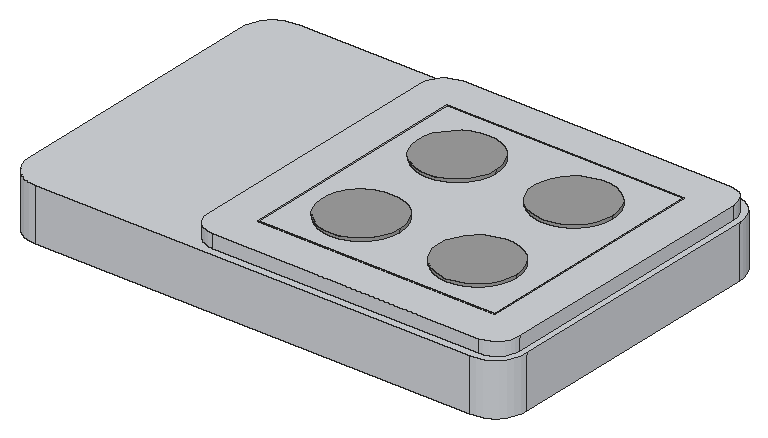
Revit family "Lighting-Industrial-GEWISS-SMART[4]HE_HIGHBAYS-LED_1M", category Apparecchi per illuminazione, Revit 2019
Family settings
  Quota connettore circolare = Usa diametro
  Tipo di parte = Normale
  Numero OmniClass = 23.80.00.00
  Titolo OmniClass = Electric Power and Lighting
  Basato su piano di lavoro = Sì
  Sempre verticale = No
  Taglio con vuoti quando caricato = No
  Sorgente d'illuminazione = No
  Condiviso = No
  Punto di calcolo locali = Sì
Parameters (values of type "GWS4122AQ857 - SMART4LB 1M C.PAS.ON/OFF ELL.57K")
  Wiring = "With GW connect watertight connector"
  Weight (kg): = "3,5"
  Warranty = "5 years"
  Voltaggio = 230 V
  Vetro acceso = Lampada accesa
  Version file RFA = "20.11"
  Unique digital code (Datamatrix) = "Datamatrix"
  Unified Glare Rating = "-"
  URL = "https://www.gewiss.com/ww/en"
  Type of light source = "LED - Not replaceable"
  Tilt- = "With bracket accessory"
  Technical sheet = "https://www.gewiss.com/ww/en/search?q=GWS4122AQ857"
  System power = "48W"
  Supply voltage = "220 - 240 V"
  Stocking temperature = "-40 +70 °C"
  Standards and approvals = "-"
  Standard- = "EN 60598-1 ; EN 60598-2-1 ; EN 60598-2-24"
  Standard Deviation Colour Matching = "SDCM = 3"
  Spostamento_Y_etichetta [instance] = 0 mm
  Spostamento_Y_effettivo_etichetta [instance] = 1500 mm - Spostamento_Y_etichetta  # 1500 mm
  Spostamento_X_etichetta [instance] = 0 mm
  Spostamento_X_effettivo_etichetta [instance] = 1500 mm - Spostamento_X_etichetta  # 1500 mm
  Shock resistance = "IK08"
  Shield type = "Tempered glass Thickness 4mm"
  SEO = "Low bay"
  Realized by GEWISS S.p.A. = ""
  Rated frequency (Hz) = "50/60 Hz"
  Produttore = "GEWISS S.p.A."
  Photobiological Risk Class = "RG0"
  Overvoltage protection = "DM 6kV / CM 6kV"
  Optic and illuminating features = "-"
  Optic Maintenance = "Non-replaceable"
  Optic : = "Metallic PC reflector and PMMA lenses"
  Optic = "Elliptical"
  Operating temperature : = "-30°C ÷ +50 °C"
  Offset etichetta W [instance] = 120 mm
  Mouting and installation = "Ceiling - Wallmounting - Suspension"
  Modello = "GWS4122AQ857"
  Maximum surface exposed to the wind : = "0,097 m²"
  Materials = "-"
  Luminaire = "LED Industrial Reflector "
  Lumen output (lm) = "6300"
  Locking Hook = "-"
  Lifetime = "L90B10 (Tq+25°C) = 70.000 h - L90B10 (Tq+50°C) = 35.000 h"
  Lampada = "LED"
  LED Maintenance = "Non-replaceable"
  Insulation class = "I"
  Installationa and maintenance = "-"
  Immagine tipo = GWL1071.jpg
  IPEA = "-"
  IP degree = "IP66"
  IFC.TypeObject = ""
  IFC.ExportType = ""
  IFC.ExportAs = ""
  IDT = "33be10311be341e0b261e3e80f29047b"
  IDF = "caca2710-84d7-41a6-9312-c1c8a4914de0"
  Glow Wire Test : = "850 °C"
  General information = "-"
  Gasket = "anti-aging silicone"
  Fixing = "-"
  External screw = "Stainless steel"
  Etichetta wattaggio [instance] = yes
  Default Elevation = 1219.2 mm
  Trasformatore = none
  Spessore plafoniera = 40 mm  # constant formula
  Proiettsmart [instance] = yes
  Raggio led = 30 mm  # constant formula
  Plafoniera = none
  Eletrical and lighting features = "-"
  Electrocod = "2444"
  Efficiency (lm/W) = "131"
  Driver Box = "Built-in"
  Driver = "Included"
  Device with reduced surface temperature = "Yes"
  Descrizione = "SMART[4]LB 1M C.PAS.ON/OFF ELL.57K"
  DIN 18032-3 certification = "With Bracket - Rope Kit + terminal&nbsp;(in approval)"
  Control System : = "ON / OFF"
  Control System = "ON / OFF"
  Context = "Logistics and industrial manufacturing lighting"
  Commenti sul wattaggio = "50W"
  Colour temperature = "5700K"
  Colour : = "Grey RAL 7035"
  Colour = "Grey RAL 7035"
  Color Rendering Index = "CRI-80"
  Classificazione = Lighting
  Classification: = "-"
  Catalogue = "LIGHTING"
  Carico apparente = 50 VA
  Motore = none
  Lunghezza = 383 mm  # constant formula
  Larghezza = 253 mm  # constant formula
  Distanza tot_plafoniera = 74 mm  # constant formula
  Dettaglio bidimensionale attivo [instance] = not(Proiettsmart)  # no
  COBie.Tagnumber = ""
  COBie.CreatedOn = ""
  COBie.CreatebBy = ""
  COBie.ComponentRegisterItemID = ""
  COBie.Component.TagNumber = ""
  COBie.Component.Space = ""
  COBie.Component.SerialNumber = ""
  COBie.Component.InstallationDate = ""
  COBie.Component.Description = ""
  COBie.Component.BarCode = ""
  Body = "PA6 \"Halogen Free\" loaded fibreglass"
  Application = "Internal"
Types (36, lengths in mm): name | Unified Glare Rating | Technical sheet | SEO | Optic : | Optic | Modello | Lumen output (lm) | IDT | Efficiency (lm/W) | Descrizione | Colour temperature
  GWS4120AA840 - SMART4LB 1M ST.AL.ON/OFF ARR.40K | "-" | "https://www.gewiss.com/ww/en/search?q=GWS4120AA840" | "" | "Metallized polycarbonate reflector" | "Array" | "GWS4120AA840" | "7100" | "f4382901f8424fbbbac38d49df0c161a" | "148" | "SMART[4]LB 1M ST.AL.ON/OFF ARR.40K" | "4000K"
  GWS4120AA857 - SMART4LB 1M ST.AL.ON/OFF ARR.57K | "-" | "https://www.gewiss.com/ww/en/search?q=GWS4120AA857" | "" | "Metallized polycarbonate reflector" | "Array" | "GWS4120AA857" | "7100" | "917cf8daf31e47babaa1d8ad2e5c4577" | "148" | "SMART[4]LB 1M ST.AL.ON/OFF ARR.57K" | "5700K"
  GWS4120AC840 - SMART4LB 1M ST.AL.ON/OFF ASI.40K | "-" | "https://www.gewiss.com/ww/en/search?q=GWS4120AC840" | "Low bay" | "Metallic PC reflector and PMMA lenses" | "Asymmetrical" | "GWS4120AC840" | "6300" | "cfe0a6cbb8754d1ba19a8b42c7e049e7" | "131" | "SMART[4]LB 1M ST.AL.ON/OFF ASI.40K" | "4000K"
  GWS4120AC857 - SMART4LB 1M ST.AL.ON/OFF ASI.57K | "-" | "https://www.gewiss.com/ww/en/search?q=GWS4120AC857" | "Low bay" | "Metallic PC reflector and PMMA lenses" | "Asymmetrical" | "GWS4120AC857" | "6300" | "0cee000b38d24c79a752d9e173a8e8a4" | "131" | "SMART[4]LB 1M ST.AL.ON/OFF ASI.57K" | "5700K"
  GWS4120AA830 - SMART4LB 1M ST.AL.ON/OFF ARR.30K | "-" | "https://www.gewiss.com/ww/en/search?q=GWS4120AA830" | "" | "Metallized polycarbonate reflector" | "Array" | "GWS4120AA830" | "6700" | "0900a4c2dbf244ec9064f84279651cee" | "140" | "SMART[4]LB 1M ST.AL.ON/OFF ARR.30K" | "3000K"
  GWS4120AC830 - SMART4LB 1M ST.AL.ON/OFF ASI.30K | "-" | "https://www.gewiss.com/ww/en/search?q=GWS4120AC830" | "Low bay" | "Metallic PC reflector and PMMA lenses" | "Asymmetrical" | "GWS4120AC830" | "6000" | "3c35a3669bea4e4e920841ebc7eee372" | "125" | "SMART[4]LB 1M ST.AL.ON/OFF ASI.30K" | "3000K"
  GWS4120AF830 - SMART4LB 1M ST.AL.ON/OFF 30° 30K | "UGR - 22" | "https://www.gewiss.com/ww/en/search?q=GWS4120AF830" | "" | "Metallic PC reflector and PMMA lenses" | "30°" | "GWS4120AF830" | "6600" | "41514ad0c5644d9a836d9b92989e7934" | "138" | "SMART[4]LB 1M ST.AL.ON/OFF 30° 30K" | "3000K"
  GWS4120AF840 - SMART4LB 1M ST.AL.ON/OFF 30° 40K | "UGR - 22" | "https://www.gewiss.com/ww/en/search?q=GWS4120AF840" | "" | "Metallic PC reflector and PMMA lenses" | "30°" | "GWS4120AF840" | "7000" | "190b0556e16b43aeb0cdb045f2df5ea0" | "146" | "SMART[4]LB 1M ST.AL.ON/OFF 30° 40K" | "4000K"
  GWS4120AF857 - SMART4LB 1M ST.AL.ON/OFF 30° 57K | "UGR - 22" | "https://www.gewiss.com/ww/en/search?q=GWS4120AF857" | "" | "Metallic PC reflector and PMMA lenses" | "30°" | "GWS4120AF857" | "7000" | "60e2c1efdd7c4bb489ee4e99856a79e1" | "146" | "SMART[4]LB 1M ST.AL.ON/OFF 30° 57K" | "5700K"
  GWS4120AH830 - SMART4LB 1M ST.AL.ON/OFF 60° 30K | "UGR - 22" | "https://www.gewiss.com/ww/en/search?q=GWS4120AH830" | "" | "Metallic PC reflector and PMMA lenses" | "60°" | "GWS4120AH830" | "6700" | "29ccc0823ecf43e492c591b95f9ba69b" | "140" | "SMART[4]LB 1M ST.AL.ON/OFF 60° 30K" | "3000K"
  GWS4120AH840 - SMART4LB 1M ST.AL.ON/OFF 60° 40K | "UGR - 22" | "https://www.gewiss.com/ww/en/search?q=GWS4120AH840" | "" | "Metallic PC reflector and PMMA lenses" | "60°" | "GWS4120AH840" | "7000" | "c7b70e766e7241369a8fdb9ff1ae4ba1" | "146" | "SMART[4]LB 1M ST.AL.ON/OFF 60° 40K" | "4000K"
  GWS4120AH857 - SMART4LB 1M ST.AL.ON/OFF 60° 57K | "UGR - 22" | "https://www.gewiss.com/ww/en/search?q=GWS4120AH857" | "" | "Metallic PC reflector and PMMA lenses" | "60°" | "GWS4120AH857" | "7000" | "02c808d90e7849e1a8a95633b2f57572" | "146" | "SMART[4]LB 1M ST.AL.ON/OFF 60° 57K" | "5700K"
  GWS4120AP830 - SMART4LB 1M ST.AL.ON/OFF 90° 30K | "UGR - 25" | "https://www.gewiss.com/ww/en/search?q=GWS4120AP830" | "" | "Metallic PC reflector and PMMA lenses" | "90°" | "GWS4120AP830" | "6800" | "aedb1b32006843dbb99d6f24d8b22d4c" | "142" | "SMART[4]LB 1M ST.AL.ON/OFF 90° 30K" | "3000K"
  GWS4120AP840 - SMART4LB 1M ST.AL.ON/OFF 90° 40K | "UGR - 25" | "https://www.gewiss.com/ww/en/search?q=GWS4120AP840" | "" | "Metallic PC reflector and PMMA lenses" | "90°" | "GWS4120AP840" | "7200" | "a4061870e39741bd95ec27f9fe2bbb80" | "150" | "SMART[4]LB 1M ST.AL.ON/OFF 90° 40K" | "4000K"
  GWS4120AP857 - SMART4LB 1M ST.AL.ON/OFF 90° 57K | "UGR - 25" | "https://www.gewiss.com/ww/en/search?q=GWS4120AP857" | "" | "Metallic PC reflector and PMMA lenses" | "90°" | "GWS4120AP857" | "7200" | "2876da5b102a4f20bb4c881609f22a28" | "150" | "SMART[4]LB 1M ST.AL.ON/OFF 90° 57K" | "5700K"
  GWS4120AQ830 - SMART4LB 1M ST.AL.ON/OFF ELL.30K | "-" | "https://www.gewiss.com/ww/en/search?q=GWS4120AQ830" | "Low bay" | "Metallic PC reflector and PMMA lenses" | "Elliptical" | "GWS4120AQ830" | "6000" | "5a7fda3a2a644d6089aa3629742bbc59" | "125" | "SMART[4]LB 1M ST.AL.ON/OFF ELL.30K" | "3000K"
  GWS4120AQ840 - SMART4LB 1M ST.AL.ON/OFF ELL.40K | "-" | "https://www.gewiss.com/ww/en/search?q=GWS4120AQ840" | "Low bay" | "Metallic PC reflector and PMMA lenses" | "Elliptical" | "GWS4120AQ840" | "6300" | "b8e5d04ad7324632af67847644f9c8f6" | "131" | "SMART[4]LB 1M ST.AL.ON/OFF ELL.40K" | "4000K"
  GWS4120AQ857 - SMART4LB 1M ST.AL.ON/OFF ELL.57K | "-" | "https://www.gewiss.com/ww/en/search?q=GWS4120AQ857" | "Low bay" | "Metallic PC reflector and PMMA lenses" | "Elliptical" | "GWS4120AQ857" | "6300" | "b24db9ef53b5451cb1bb3207fb4a4e4c" | "131" | "SMART[4]LB 1M ST.AL.ON/OFF ELL.57K" | "5700K"
  GWS4122AA830 - SMART4LB 1M C.PAS.ON/OFF ARR.30K | "-" | "https://www.gewiss.com/ww/en/search?q=GWS4122AA830" | "" | "Metallized polycarbonate reflector" | "Array" | "GWS4122AA830" | "6700" | "eb177aab06e742e3b3b2cbe86593fec2" | "140" | "SMART[4]LB 1M C.PAS.ON/OFF ARR.30K" | "3000K"
  GWS4122AA840 - SMART4LB 1M C.PAS.ON/OFF ARR.40K | "-" | "https://www.gewiss.com/ww/en/search?q=GWS4122AA840" | "" | "Metallized polycarbonate reflector" | "Array" | "GWS4122AA840" | "7100" | "578bd9e5039c409382598015cc2e3cb7" | "148" | "SMART[4]LB 1M C.PAS.ON/OFF ARR.40K" | "4000K"
  GWS4122AA857 - SMART4LB 1M C.PAS.ON/OFF ARR.57K | "-" | "https://www.gewiss.com/ww/en/search?q=GWS4122AA857" | "" | "Metallized polycarbonate reflector" | "Array" | "GWS4122AA857" | "7100" | "854348c82adc4ec9b0c0a708a3682d15" | "148" | "SMART[4]LB 1M C.PAS.ON/OFF ARR.57K" | "5700K"
  GWS4122AC830 - SMART4LB 1M C.PAS.ON/OFF ASI.30K | "-" | "https://www.gewiss.com/ww/en/search?q=GWS4122AC830" | "Low bay" | "Metallic PC reflector and PMMA lenses" | "Asymmetrical" | "GWS4122AC830" | "6000" | "c7a5391010f347c98405f283fd45b83f" | "125" | "SMART[4]LB 1M C.PAS.ON/OFF ASI.30K" | "3000K"
  GWS4122AC840 - SMART4LB 1M C.PAS.ON/OFF ASI.40K | "-" | "https://www.gewiss.com/ww/en/search?q=GWS4122AC840" | "Low bay" | "Metallic PC reflector and PMMA lenses" | "Asymmetrical" | "GWS4122AC840" | "6300" | "2073efe048fa4ac180f79191df90003c" | "131" | "SMART[4]LB 1M C.PAS.ON/OFF ASI.40K" | "4000K"
  GWS4122AC857 - SMART4LB 1M C.PAS.ON/OFF ASI.57K | "-" | "https://www.gewiss.com/ww/en/search?q=GWS4122AC857" | "Low bay" | "Metallic PC reflector and PMMA lenses" | "Asymmetrical" | "GWS4122AC857" | "6300" | "62f1a6f3a77b4e9fac1ef768dd21c622" | "131" | "SMART[4]LB 1M C.PAS.ON/OFF ASI.57K" | "5700K"
  GWS4122AF830 - SMART4LB 1M C.PAS.ON/OFF 30° 30K | "UGR - 22" | "https://www.gewiss.com/ww/en/search?q=GWS4122AF830" | "" | "Metallic PC reflector and PMMA lenses" | "30°" | "GWS4122AF830" | "6600" | "0f02be5fd2ff47478f69fbf9e8507c8d" | "138" | "SMART[4]LB 1M C.PAS.ON/OFF 30° 30K" | "3000K"
  GWS4122AF840 - SMART4LB 1M C.PAS.ON/OFF 30° 40K | "UGR - 22" | "https://www.gewiss.com/ww/en/search?q=GWS4122AF840" | "" | "Metallic PC reflector and PMMA lenses" | "30°" | "GWS4122AF840" | "7000" | "5a12f1645e4a4495a7228c5699ae6f70" | "146" | "SMART[4]LB 1M C.PAS.ON/OFF 30° 40K" | "4000K"
  GWS4122AF857 - SMART4LB 1M C.PAS.ON/OFF 30° 57K | "UGR - 22" | "https://www.gewiss.com/ww/en/search?q=GWS4122AF857" | "" | "Metallic PC reflector and PMMA lenses" | "30°" | "GWS4122AF857" | "7000" | "4f2a85a9916243ef90e4df300711cc9f" | "146" | "SMART[4]LB 1M C.PAS.ON/OFF 30° 57K" | "5700K"
  GWS4122AH830 - SMART4LB 1M C.PAS.ON/OFF 60° 30K | "UGR - 22" | "https://www.gewiss.com/ww/en/search?q=GWS4122AH830" | "" | "Metallic PC reflector and PMMA lenses" | "60°" | "GWS4122AH830" | "6700" | "4fb6251530e94755964a5951b396a1e6" | "140" | "SMART[4]LB 1M C.PAS.ON/OFF 60° 30K" | "3000K"
  GWS4122AH840 - SMART4LB 1M C.PAS.ON/OFF 60° 40K | "UGR - 22" | "https://www.gewiss.com/ww/en/search?q=GWS4122AH840" | "" | "Metallic PC reflector and PMMA lenses" | "60°" | "GWS4122AH840" | "7000" | "1f9c7aa2271d4b90bdffca9c9c9798d0" | "146" | "SMART[4]LB 1M C.PAS.ON/OFF 60° 40K" | "4000K"
  GWS4122AH857 - SMART4LB 1M C.PAS.ON/OFF 60° 57K | "UGR - 22" | "https://www.gewiss.com/ww/en/search?q=GWS4122AH857" | "" | "Metallic PC reflector and PMMA lenses" | "60°" | "GWS4122AH857" | "7000" | "f64890ba476a43c88607518148c11520" | "146" | "SMART[4]LB 1M C.PAS.ON/OFF 60° 57K" | "5700K"
  GWS4122AP830 - SMART4LB 1M C.PAS.ON/OFF 90° 30K | "UGR - 25" | "https://www.gewiss.com/ww/en/search?q=GWS4122AP830" | "" | "Metallic PC reflector and PMMA lenses" | "90°" | "GWS4122AP830" | "6800" | "4c6e023df58d42aaa830a944ddf0b379" | "142" | "SMART[4]LB 1M C.PAS.ON/OFF 90° 30K" | "3000K"
  GWS4122AP840 - SMART4LB 1M C.PAS.ON/OFF 90° 40K | "UGR - 25" | "https://www.gewiss.com/ww/en/search?q=GWS4122AP840" | "" | "Metallic PC reflector and PMMA lenses" | "90°" | "GWS4122AP840" | "7200" | "fd64719c42574fdc993a6698fccc5fb8" | "150" | "SMART[4]LB 1M C.PAS.ON/OFF 90° 40K" | "4000K"
  GWS4122AP857 - SMART4LB 1M C.PAS.ON/OFF 90° 57K | "UGR - 25" | "https://www.gewiss.com/ww/en/search?q=GWS4122AP857" | "" | "Metallic PC reflector and PMMA lenses" | "90°" | "GWS4122AP857" | "7200" | "89fd8a096f0e45aca0f1865f82215dba" | "150" | "SMART[4]LB 1M C.PAS.ON/OFF 90° 57K" | "5700K"
  GWS4122AQ830 - SMART4LB 1M C.PAS.ON/OFF ELL.30K | "-" | "https://www.gewiss.com/ww/en/search?q=GWS4122AQ830" | "Low bay" | "Metallic PC reflector and PMMA lenses" | "Elliptical" | "GWS4122AQ830" | "6000" | "0cf880981e584a3c93b72c7f0703cf56" | "125" | "SMART[4]LB 1M C.PAS.ON/OFF ELL.30K" | "3000K"
  GWS4122AQ840 - SMART4LB 1M C.PAS.ON/OFF ELL.40K | "-" | "https://www.gewiss.com/ww/en/search?q=GWS4122AQ840" | "Low bay" | "Metallic PC reflector and PMMA lenses" | "Elliptical" | "GWS4122AQ840" | "6300" | "748383b727ad4d62b12320053c7280f8" | "131" | "SMART[4]LB 1M C.PAS.ON/OFF ELL.40K" | "4000K"
  GWS4122AQ857 - SMART4LB 1M C.PAS.ON/OFF ELL.57K | "-" | "https://www.gewiss.com/ww/en/search?q=GWS4122AQ857" | "Low bay" | "Metallic PC reflector and PMMA lenses" | "Elliptical" | "GWS4122AQ857" | "6300" | "33be10311be341e0b261e3e80f29047b" | "131" | "SMART[4]LB 1M C.PAS.ON/OFF ELL.57K" | "5700K"
Reference planes
  plane 1 "Centro (Fronte/Retro)": y = 0
  plane 2: z = 0
  plane 3 "Centro (Sinistra/Destra)": x = 0
  plane 4: x = -191.5
  plane 5: y = 126.5
  plane 6: x = 191.5
  plane 7: y = -126.5
  plane 8: z = -74
  plane 9: x = -175.5
  plane 10: y = -110.5
  plane 11: y = 110.5
  plane 12: x = -60.5
  plane 13: y = 121.5
  plane 14: x = 186.5
  plane 15: y = -120
  plane 16: z = 74
  plane 17: z = 84
  plane 18: z = 86
  plane 19: x = -1500
  plane 20: y = -1500
  plane 21: x = 0
  plane 22: y = 0
Dimensions and locks
  equal spacing: plane 5, plane 1 "Centro (Fronte/Retro)", plane 7
  equal spacing: plane 4, plane 3 "Centro (Sinistra/Destra)", plane 6
  "Lunghezza": plane 4 to plane 6
  "Larghezza": plane 5 to plane 7
  locked: plane 14 to plane 6 at 5
  locked: plane 5 to plane 13 at 5
  nested 3 to plane 8 = 133.058 mm
  locked: plane 4 to plane 9 at 16
  "Offset etichetta W": plane 1 "Centro (Fronte/Retro)" to plane 15
  "Distanza tot_plafoniera": plane 16 to level
  locked: plane 18 to plane 17 at 2
  plane 19 to plane 3 "Centro (Sinistra/Destra)" = 1500 mm
  plane 1 "Centro (Fronte/Retro)" to plane 20 = 1500 mm
  "Spostamento_Y_effettivo_etichetta": plane 22 to plane 20
  "Spostamento_X_effettivo_etichetta": plane 19 to plane 21
  aligned and locked: level to plane 2
  aligned and locked: plane 4 to nested 1
  aligned and locked: plane 6 to nested 1
  aligned and locked: plane 5 to nested 1
  aligned and locked: plane 7 to nested 1
  aligned and locked: plane 14 to nested 2
  aligned and locked: plane 1 "Centro (Fronte/Retro)" to nested 10
  aligned and locked: nested 3 to plane 2
  aligned and locked: plane 16 to nested 1
  aligned and locked: plane 1 "Centro (Fronte/Retro)" to nested 8
  aligned and locked: plane 1 "Centro (Fronte/Retro)" to nested 1
  aligned and locked: plane 1 "Centro (Fronte/Retro)" to nested 2
  aligned and locked: nested 2 to plane 16
  aligned and locked: nested 4 to plane 18
  aligned and locked: plane 18 to nested 6
  aligned and locked: nested 7 to plane 18
  aligned and locked: plane 18 to nested 5
  aligned and locked: nested 9 to plane 22
  aligned and locked: plane 21 to nested 9
Nested families
  nested 1: "Struttura_SMART[4] LB - 2+2 L" at (0, 0, 74), type "SMART Lab (4) 4L"
  nested 2: "mascherina_SMART (4)" at (66.5, 0, 84), type "Maschera_smart (4) 4L", detail levels medium+fine
  nested 3: "Staffa SMART LAB 4" at (65, -20, 59.058) x (0, 1, 0) z (0, 0, -1), type "Staffa SMART LAB 4", detail levels medium+fine
  nested 4: "Gewis - Led" at (20.25, 44.75, 86), type "Gewis - Led", detail levels fine
  nested 5: "Gewis - Led" at (109.75, 44.75, 86) x (-1, 0, 0) z (0, 0, 1), type "Gewis - Led", detail levels fine
  nested 6: "Gewis - Led" at (20.25, -47.75, 86), type "Gewis - Led", detail levels fine
  nested 7: "Gewis - Led" at (109.75, -47.75, 86) x (-1, 0, 0) z (0, 0, 1), type "Gewis - Led", detail levels fine
  nested 8: "Rappr_bidimensionale_SMART[4] LB 4L" at (40, 0, 0), visible <- "Dettaglio bidimensionale attivo", type "SMART[4] LB 4L_bidimensionalerfa"
  nested 9: "ETICHETTA LIGHT" at (0, 0, 0), visible <- "Etichetta wattaggio", type "ETICHETTA LIGHT"
  nested 10: "PROIETTSMART " at (-32.162, 0, 0), visible <- "Proiettsmart", type "PROIETTSMART "
Connectors
  electrical at (0.009, -0.098, 34), driven by "Classificazione", driven by "Carico apparente"
    settings: on nested 1, index 1, voltage 230 V, apparent load 0 VA, apparent load phase1 50 VA, apparent load phase2 0 VA, apparent load phase3 0 VA, power factor 1, load classification "Lighting", number of poles 2, system type 31, power factor state 1, is connector primary yes, connector utility no, sub classification motor no, connector description ""
Definition of nested family "Struttura_SMART[4] LB - 2+2 L"
  Parameters (values of type "SMART Lab (4) 4L")
    Struttura plafoniera = none
    Spessore_plafoniera = 40 mm
    Lunghezza = 383 mm
    Larghezza = 253 mm
  Reference planes
    plane 1 "Asse sorgente illuminazione (F/B)": y = 0
    plane 2: z = 0
    plane 3 "Asse sorgente illuminazione (L/R)": x = 0
    plane 4 "Prospetto sorgente di illuminazione": z = -40
    plane 5 "SX": x = -191.5
    plane 6 "DX": x = 191.5
    plane 7 "DIETRO": y = 126.5
    plane 8 "AVANTI": y = -126.5
    plane 9: x = -51.5
    plane 10: x = 180.5
    plane 11: y = -115.5
    plane 12: y = 115.5
    plane 13: x = -180.5
    plane 14: x = 51.5
  Forms (mm)
    Extrusion 1, solid, material <- "Struttura plafoniera"
      sketch origin (0, 0, 0) x (1, 0, 0) y (0, 1, 0)
        loop
          line (191.5, -102.095) -> (191.5, 102.09)
          arc (191.5, 102.09) -> (184.35, 119.35) -> (167.09, 126.5) r 24.41
          line (167.09, 126.5) -> (-167.009, 126.5)
          arc (-167.009, 126.5) -> (-184.554, 119.1) -> (-191.5, 101.371) r 24.499
          line (-191.5, 101.371) -> (-191.5, -102.092)
          arc (-191.5, -102.092) -> (-184.351, -119.351) -> (-167.092, -126.5) r 24.408
          line (-167.092, -126.5) -> (167.117, -126.5)
          arc (167.117, -126.5) -> (184.334, -119.368) -> (191.465, -102.152) r 24.348
      from -40 to 0
  Dimensions and locks
    equal spacing: plane 5 "SX", plane 3 "Asse sorgente illuminazione (L/R)", plane 6 "DX"
    equal spacing: plane 7 "DIETRO", plane 1 "Asse sorgente illuminazione (F/B)", plane 8 "AVANTI"
    "Lunghezza": plane 5 "SX" to plane 6 "DX"
    "Larghezza": plane 7 "DIETRO" to plane 8 "AVANTI"
    locked: plane 7 "DIETRO" to plane 12 at 11
    locked: plane 11 to plane 8 "AVANTI" at 11
    locked: plane 10 to plane 6 "DX" at 11
    locked: plane 9 to plane 10 at 232
    plane 13 to plane 14 = 232 mm
    locked: plane 5 "SX" to plane 13 at 11
    "Spessore_plafoniera": plane 2 to plane 4 "Prospetto sorgente di illuminazione"
    aligned and locked: level to plane 2
    aligned and locked: Extrusion 1 to plane 5 "SX"
    aligned and locked: Extrusion 1 to plane 8 "AVANTI"  (x2)
    aligned and locked: plane 7 "DIETRO" to Extrusion 1
    aligned and locked: plane 6 "DX" to Extrusion 1
    aligned and locked: plane 4 "Prospetto sorgente di illuminazione" to Extrusion 1
    aligned and locked: plane 2 to Extrusion 1
  Automatic sketch dimensions
    Extrusion 1 sketch curve to plane 5 "SX" = 0 mm
    Extrusion 1 sketch curve to plane 8 "AVANTI" = 0 mm
    Extrusion 1 sketch curve to plane 7 "DIETRO" = 0 mm
    Extrusion 1 sketch curve to plane 6 "DX" = 0 mm
    plane 13 to Extrusion 1 sketch curve = 13.408 mm
    plane 13 to Extrusion 1 sketch curve = 13.491 mm
    Extrusion 1 sketch curve to plane 10 = 13.41 mm
    Extrusion 1 sketch curve to plane 10 = 13.383 mm
    plane 11 to Extrusion 1 sketch curve = 13.348 mm
    Extrusion 1 sketch curve to plane 12 = 14.129 mm
    Extrusion 1 sketch curve to Extrusion 1 sketch curve = 0.056 mm
Definition of nested family "mascherina_SMART (4)"
  Parameters (values of type "Maschera_smart (4) 4L")
    Spessore_mascherina = 10 mm
    Default Elevation = 1219.2 mm
    N.intarsi = (Lunghezza_mascherina - (Bordo * 2)) / 15 mm  # 12
    N._intarsi verticale = (Larghezza_mascherina - (Bordo * 2)) / 17 mm  # 11
    Mascherina = none
    Lunghezza_mascherina = 240 mm
    Larghezza_mascherina = 240 mm
    Distanza_intarsi v. = 41 mm  # constant formula
    Distanza_intarsi = 37 mm  # constant formula
    Bordo = 29 mm
  Reference planes
    plane 1 "Centro (Fronte/Retro)": y = 0
    plane 2: z = 0
    plane 3 "Centro (Sinistra/Destra)": x = 0
    plane 4: x = -120
    plane 5 "Dietro": y = 120
    plane 6: x = 120
    plane 7: y = -120
    plane 8: x = -91
    plane 9: y = -91
    plane 10: x = 91
    plane 11: y = 91
    plane 12: x = -83
    plane 13: y = 94.742
    plane 14: y = -95
    plane 15: z = -10
    plane 16: x = -95
    plane 17: y = 79
    plane 18: y = -79
    plane 19: x = 95
    plane 20: z = -4.799
  Forms (mm)
    Extrusion 1, solid, material <- "Mascherina"
      sketch origin (0, 0, 0) x (1, 0, 0) y (0, 1, 0)
        loop
          arc (-102.5, 120) -> (-114.874, 114.874) -> (-120, 102.5) r 17.5
          line (-120, 102.5) -> (-120, -102.5)
          arc (-120, -102.5) -> (-114.874, -114.874) -> (-102.5, -120) r 17.5
          line (-102.5, -120) -> (102.5, -120)
          arc (102.5, -120) -> (114.874, -114.874) -> (120, -102.5) r 17.5
          line (120, -102.5) -> (120, 102.5)
          arc (120, 102.5) -> (114.874, 114.874) -> (102.5, 120) r 17.5
          line (102.5, 120) -> (-102.5, 120)
        loop
          line (-91, 91) -> (-91, -91) -> (91, -91) -> (91, 91) -> (-91, 91)
      from -10 to 0
    Extrusion 2, solid, material <- "Mascherina"
      sketch origin (0, 0, 0) x (1, 0, 0) y (0, 1, 0)
        loop
          line (-91, 91) -> (-91, -91) -> (91, -91) -> (91, 91) -> (-91, 91)
      from -4.799 to 0
  Dimensions and locks
    equal spacing: plane 4, plane 3 "Centro (Sinistra/Destra)", plane 6
    "Lunghezza_mascherina": plane 4 to plane 6
    equal spacing: plane 5 "Dietro", plane 1 "Centro (Fronte/Retro)", plane 7
    "Larghezza_mascherina": plane 5 "Dietro" to plane 7
    "Bordo": plane 4 to plane 8
    "Bordo": plane 9 to plane 7
    "Bordo": plane 5 "Dietro" to plane 11
    "Bordo": plane 10 to plane 6
    "Distanza_intarsi": plane 4 to plane 12
    locked: plane 13 to plane 11 at 3.742
    "Spessore_mascherina": plane 2 to plane 15
    "Distanza_intarsi v.": plane 5 "Dietro" to plane 17
    "Distanza_intarsi v.": plane 18 to plane 7
    locked: plane 9 to plane 14 at 4
    locked: plane 16 to plane 8 at 4
    locked: plane 10 to plane 19 at 4
    locked: plane 2 to plane 20 at 4.799
    radius of Extrusion 1 sketch curve = 17.5 mm  (x4)
    aligned and locked: level to plane 2
    aligned and locked: plane 4 to Extrusion 1 sketch curve
    aligned and locked: plane 6 to Extrusion 1 sketch curve
    aligned and locked: Extrusion 1 sketch curve to plane 5 "Dietro"
    aligned and locked: Extrusion 1 sketch curve to plane 7
    aligned and locked: Extrusion 1 sketch curve to plane 11
    aligned and locked: plane 8 to Extrusion 1 sketch curve
    aligned and locked: plane 9 to Extrusion 1 sketch curve
    aligned and locked: Extrusion 1 sketch curve to plane 10
    aligned and locked: plane 2 to Extrusion 1
    aligned and locked: Extrusion 1 to plane 15
    aligned and locked: Extrusion 2 sketch curve to plane 10
    aligned and locked: plane 9 to Extrusion 2 sketch curve
    aligned and locked: plane 8 to Extrusion 2 sketch curve
    aligned and locked: Extrusion 2 sketch curve to plane 11
    aligned and locked: plane 2 to Extrusion 2
    aligned and locked: Extrusion 2 to plane 20
Definition of nested family "Staffa SMART LAB 4"
  Parameters (values of type "Staffa SMART LAB 4")
    Staffa = none
    Default Elevation = 1219.2 mm
  Reference planes
    plane 1 "Centro (Fronte/Retro)": y = 0
    plane 2: z = 0
    plane 3 "Centro (Sinistra/Destra)": x = 0
    plane 4: y = 25
    plane 5: y = -25
    plane 6: x = -480
    plane 7: x = 480
    plane 8: z = 340
  Forms (mm)
    Extrusion 1, solid, material <- "Staffa"
      sketch origin (-19.427, 0, 0) x (1, 0, 0) y (0, 0, 1)
        loop
          line (-52.112, 0) -> (-51.312, 0) -> (-51.312, 5.038) -> (-51.312, 7.679) -> (-48.064, 11.553) -> (-48.309, 20.832)
          arc (-48.309, 20.832) -> (-48.108, 21.384) -> (-47.585, 21.651) r 0.801
          line (-47.585, 21.651) -> (-46.541, 21.744)
          arc (-46.541, 21.744) -> (-45.388, 22.346) -> (-44.998, 23.587) r 1.701
          line (-44.998, 23.587) -> (-45.225, 26.168) -> (-47.881, 28.39) -> (-47.881, 32.971) -> (-23.475, 58.058) -> (62.329, 58.058) -> (86.735, 32.971) -> (86.735, 28.39) -> (84.08, 26.168) -> (83.852, 23.587)
          arc (83.852, 23.587) -> (84.243, 22.346) -> (85.396, 21.744) r 1.701
          line (85.396, 21.744) -> (86.439, 21.651)
          arc (86.439, 21.651) -> (86.963, 21.384) -> (87.163, 20.832) r 0.801
          line (87.163, 20.832) -> (86.919, 11.553) -> (90.167, 7.679) -> (90.167, 5.038) -> (90.167, 0) -> (90.967, 0) -> (90.967, 5.038) -> (90.967, 7.979) -> (87.921, 11.618) -> (88.163, 20.806)
          arc (88.163, 20.806) -> (87.71, 22.048) -> (86.531, 22.647) r 1.801
          line (86.531, 22.647) -> (85.484, 22.74)
          arc (85.484, 22.74) -> (85.009, 22.988) -> (84.849, 23.499) r 0.701
          line (84.849, 23.499) -> (85.039, 25.667) -> (87.735, 27.923) -> (87.735, 32.876) -> (86.947, 34.187) -> (62.751, 59.058) -> (-23.897, 59.058) -> (-48.093, 34.187) -> (-48.881, 32.876) -> (-48.881, 27.923) -> (-46.185, 25.667) -> (-45.994, 23.499)
          arc (-45.994, 23.499) -> (-46.155, 22.988) -> (-46.63, 22.74) r 0.701
          line (-46.63, 22.74) -> (-47.676, 22.647)
          arc (-47.676, 22.647) -> (-48.856, 22.048) -> (-49.308, 20.806) r 1.801
          line (-49.308, 20.806) -> (-49.066, 11.618) -> (-52.112, 7.979) -> (-52.112, 5.038) -> (-52.112, 0)
      from -25 to 25
  Dimensions and locks
    equal spacing: plane 6, plane 3 "Centro (Sinistra/Destra)", plane 7
    equal spacing: plane 4, plane 1 "Centro (Fronte/Retro)", plane 5
    plane 4 to plane 5 = 50 mm
    plane 6 to plane 7 = 960 mm
    aligned and locked: level to plane 2
    aligned and locked: plane 4 to Extrusion 1
    aligned and locked: Extrusion 1 to plane 5
  Automatic sketch dimensions
    Extrusion 1 sketch curve to Extrusion 1 sketch curve = 0 mm  (x10)
    Extrusion 1 sketch curve to level = 0 mm  (x2)
    level to Extrusion 1 sketch curve = 5.038 mm
    Extrusion 1 sketch curve to plane 3 "Centro (Sinistra/Destra)" = 71.54 mm
    Extrusion 1 sketch curve to Extrusion 1 sketch curve = 0.8 mm  (x2)
    level to Extrusion 1 sketch curve = 20.806 mm  (x2)
    Extrusion 1 sketch curve to Extrusion 1 sketch curve = 2.804 mm
    level to Extrusion 1 sketch curve = 11.618 mm  (x2)
    Extrusion 1 sketch curve to Extrusion 1 sketch curve = 2.246 mm  (x2)
    Extrusion 1 sketch curve to Extrusion 1 sketch curve = 0.428 mm
    level to Extrusion 1 sketch curve = 20.832 mm  (x2)
    Extrusion 1 sketch curve to Extrusion 1 sketch curve = 1 mm  (x4)
    Extrusion 1 sketch curve to Extrusion 1 sketch curve = 0.788 mm
    level to Extrusion 1 sketch curve = 11.553 mm  (x2)
    Extrusion 1 sketch curve to Extrusion 1 sketch curve = 1.002 mm  (x2)
    level to Extrusion 1 sketch curve = 22.647 mm  (x2)
    Extrusion 1 sketch curve to Extrusion 1 sketch curve = 0.632 mm
    level to Extrusion 1 sketch curve = 21.651 mm  (x2)
    Extrusion 1 sketch curve to Extrusion 1 sketch curve = 0.092 mm  (x2)
    Extrusion 1 sketch curve to Extrusion 1 sketch curve = 0.984 mm
    level to Extrusion 1 sketch curve = 22.74 mm  (x2)
    Extrusion 1 sketch curve to Extrusion 1 sketch curve = 0.062 mm
    level to Extrusion 1 sketch curve = 21.744 mm  (x2)
    Extrusion 1 sketch curve to Extrusion 1 sketch curve = 0.088 mm
    Extrusion 1 sketch curve to Extrusion 1 sketch curve = 0.507 mm
    level to Extrusion 1 sketch curve = 23.499 mm  (x2)
    Extrusion 1 sketch curve to Extrusion 1 sketch curve = 0.698 mm  (x2)
    Extrusion 1 sketch curve to Extrusion 1 sketch curve = 0.96 mm  (x2)
    level to Extrusion 1 sketch curve = 23.587 mm  (x2)
    Extrusion 1 sketch curve to plane 3 "Centro (Sinistra/Destra)" = 43.324 mm
    Extrusion 1 sketch curve to Extrusion 1 sketch curve = 0.422 mm  (x2)
    plane 3 "Centro (Sinistra/Destra)" to Extrusion 1 sketch curve = 42.902 mm
    Extrusion 1 sketch curve to Extrusion 1 sketch curve = 21.523 mm
    level to Extrusion 1 sketch curve = 26.168 mm
    Extrusion 1 sketch curve to Extrusion 1 sketch curve = 0.227 mm
    Extrusion 1 sketch curve to Extrusion 1 sketch curve = 0.996 mm
    level to Extrusion 1 sketch curve = 25.667 mm
    Extrusion 1 sketch curve to Extrusion 1 sketch curve = 0.548 mm
    Extrusion 1 sketch curve to Extrusion 1 sketch curve = 0.966 mm
    Extrusion 1 sketch curve to Extrusion 1 sketch curve = 0.077 mm
    level to Extrusion 1 sketch curve = 28.39 mm
    Extrusion 1 sketch curve to Extrusion 1 sketch curve = 1.696 mm
    Extrusion 1 sketch curve to Extrusion 1 sketch curve = 0.557 mm
    level to Extrusion 1 sketch curve = 34.187 mm
    Extrusion 1 sketch curve to Extrusion 1 sketch curve = 0.212 mm
    Extrusion 1 sketch curve to Extrusion 1 sketch curve = 0.801 mm
    level to Extrusion 1 sketch curve = 7.679 mm
    Extrusion 1 sketch curve to Extrusion 1 sketch curve = 2.641 mm  (x2)
    Extrusion 1 sketch curve to Extrusion 1 sketch curve = 0.3 mm  (x2)
    Extrusion 1 sketch curve to Extrusion 1 sketch curve = 2.168 mm
    Extrusion 1 sketch curve to Extrusion 1 sketch curve = 0.501 mm
    Extrusion 1 sketch curve to Extrusion 1 sketch curve = 0.467 mm  (x2)
    Extrusion 1 sketch curve to Extrusion 1 sketch curve = 2.256 mm
    Extrusion 1 sketch curve to Extrusion 1 sketch curve = 4.486 mm
    Extrusion 1 sketch curve to Extrusion 1 sketch curve = 1.311 mm
    Extrusion 1 sketch curve to Extrusion 1 sketch curve = 0.095 mm  (x2)
    Extrusion 1 sketch curve to Extrusion 1 sketch curve = 1.216 mm
    Extrusion 1 sketch curve to Extrusion 1 sketch curve = 23.87 mm
Definition of nested family "Gewis - Led"
  Parameters (values of type "Gewis - Led")
    Vetro = none
    Raggio led = 30 mm
    Default Elevation = 1219.2 mm
    Estensione vetro = 3 mm
  Reference planes
    plane 1 "Centro (Fronte/Retro)": y = 0
    plane 2: z = 0
    plane 3 "Centro (Sinistra/Destra)": x = 0
  Forms (mm)
    Extrusion 1, solid, material <- "Vetro"
      sketch origin (0, 0, 0) x (1, 0, 0) y (0, 1, 0)
        loop
          circle (0, 0) r 30
      from -3 to 0
  Dimensions and locks
    "Estensione vetro": level to Extrusion 1
    "Raggio led": radius of Extrusion 1 sketch curve
    aligned and locked: level to plane 2
    aligned and locked: level to Extrusion 1
  Automatic sketch dimensions
    plane 1 "Centro (Fronte/Retro)" to Extrusion 1 sketch curve = 0 mm
    Extrusion 1 sketch curve to plane 3 "Centro (Sinistra/Destra)" = 0 mm
Definition of nested family "Rappr_bidimensionale_SMART[4] LB 4L"
  Reference planes
    plane 1 "Centro (Fronte/Retro)": y = 0
    plane 2: z = 0
    plane 3 "Centro (Sinistra/Destra)": x = 0
  Lines and regions (mm)
    model lines, in view "Livello rif."
      curve 1: circle (-20.568, 47.057, 0) r 28.619 normal (0, 0, 1)
      curve 2: circle (73.432, -46.943, 0) r 28.619 normal (0, 0, 1)
      curve 3: circle (-20.568, -46.943, 0) r 28.619 normal (0, 0, 1)
      curve 4: circle (73.432, 47.057, 0) r 28.619 normal (0, 0, 1)
      curve 5: arc (-93.068, -104.009, 0) -> (-88.529, -114.969, 0) -> (-77.568, -119.509, 0) r 15.5
      curve 6: arc (145.932, 103.991, 0) -> (141.392, 114.952, 0) -> (130.432, 119.491, 0) r 15.5
      curve 7: arc (-77.568, 119.491, 0) -> (-88.529, 114.952, 0) -> (-93.068, 103.991, 0) r 15.5
      curve 8: arc (130.432, -119.509, 0) -> (141.392, -114.969, 0) -> (145.932, -104.009, 0) r 15.5
      curve 9: arc (152.721, 103.991, 0) -> (146.196, 119.749, 0) -> (130.441, 126.281, 0) r 22.29
      curve 10: arc (130.443, -126.298, 0) -> (146.197, -119.766, 0) -> (152.721, -104.009, 0) r 22.29
      curve 11: arc (-230.358, -108, 0) -> (-225, -120.942, 0) -> (-212.058, -126.298, 0) r 18.29
      curve 12: arc (-212.077, 126.281, 0) -> (-225.001, 120.924, 0) -> (-230.358, 108, 0) r 18.29
      curve 13: line (-66.068, -92.509, 0) -> (-66.068, 92.491, 0)
      curve 14: line (-66.068, 92.491, 0) -> (118.932, 92.491, 0)
      curve 15: line (118.932, 92.491, 0) -> (118.932, -92.509, 0)
      curve 16: line (118.932, -92.509, 0) -> (-66.068, -92.509, 0)
      curve 17: line (-77.568, -119.509, 0) -> (130.432, -119.509, 0)
      curve 18: line (-77.568, 119.491, 0) -> (130.432, 119.491, 0)
      curve 19: line (-93.068, 103.991, 0) -> (-93.068, -104.009, 0)
      curve 20: line (145.932, 103.991, 0) -> (145.932, -104.009, 0)
      curve 21: line (-212.077, 126.281, 0) -> (130.441, 126.281, 0)
      curve 22: line (152.721, 103.991, 0) -> (152.721, -104.009, 0)
      curve 23: line (130.443, -126.298, 0) -> (-212.058, -126.298, 0)
      curve 24: line (-230.358, -108, 0) -> (-230.358, 108, 0)
Definition of nested family "ETICHETTA LIGHT"
  Parameters (values of type "ETICHETTA LIGHT")
    COMMENTI = "53W"
  Reference planes
    plane 1: y = 0
    plane 2: x = 0
  Text (mm)
    label "COMMENTI" at (-0.057, 0.105, 0), shows "COMMENTI"
Definition of nested family "PROIETTSMART "
  Reference planes
    plane 1 "Centro (Fronte/Retro)": y = 0
    plane 2: z = 0
    plane 3 "Centro (Sinistra/Destra)": x = 0
  Lines and regions (mm)
    model lines, in view "Livello rif."
      curve 1: line (120.593, -21.515, 0) -> (77.393, -0.008, 0)
      curve 2: line (77.393, -0.008, 0) -> (120.593, 21.758, 0)
      curve 3: line (120.593, 21.758, 0) -> (120.593, -21.515, 0)
      curve 4: line (77.393, 21.629, 0) -> (77.393, -21.645, 0)
      curve 5: line (77.393, -0.008, 0) -> (52.133, -0.008, 0)
      curve 6: line (120.593, 0.122, 0) -> (139.246, 0.122, 0)
      curve 7: line (162.162, 66.747, 0) -> (162.162, -66.747, 0)
      curve 8: line (162.162, -66.747, 0) -> (-97.838, -66.747, 0)
      curve 9: line (-97.838, -66.747, 0) -> (-97.838, 66.747, 0)
      curve 10: line (-97.838, 66.747, 0) -> (162.162, 66.747, 0)
      curve 11: line (45.772, 49.667, 0) -> (145.121, 49.667, 0)
      curve 12: line (145.121, 49.667, 0) -> (145.121, -49.683, 0)
      curve 13: line (145.121, -49.683, 0) -> (45.772, -49.683, 0)
      curve 14: line (45.772, -49.683, 0) -> (45.772, 49.667, 0)
